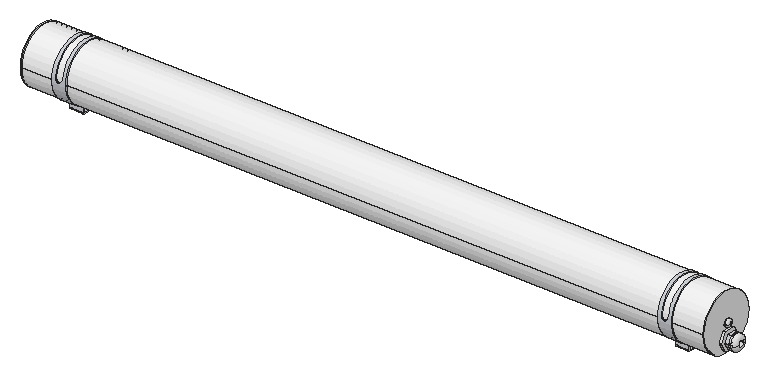
Revit family "0047581 Feilo Sylvania Lighting Fixture SYLPROOF TUBULAR LED 1X1200 EB NW", category Lighting Fixtures, host Face, Revit 2017
Family settings
  Host = Face
  Round Connector Dimension = Use Diameter
  Part Type = Normal
  OmniClass Number = 23.80.70.00
  OmniClass Title = Lighting
  Cut with Voids When Loaded = No
  Light Source = Yes
  Shared = No
  Room Calculation Point = No
Parameters (values of type "0047581 SYLPROOF TUBULAR LED 1X1200 EB NW")
  Weight = "2.5 kg"
  Wattage Comments = "n/a"
  Wattage = 25.6 W
  WarrantyStartDate [instance] = "n/a"
  WarrantyGuarantorParts = "n/a"
  WarrantyDurationUnit = "n/a"
  WarrantyDurationParts = "n/a"
  WarrantyDescription = "n/a"
  built-in parameter 1150110 = 1 (stored number, unit not read)
  Voltage = 230 V
  URL = "http://www.sylvania-lighting.com"
  TypeName = "SYLPROOF TUBULAR LED 1X1200 EB NW"
  Type Image = <None>
  Type Comments = "n/a"
  TubeDiameterOutside_FEILO = 100 mm
  TubeDiameterInside_FEILO = 96 mm
  built-in parameter 1114217 = 1 (stored number, unit not read)
  Tilt Angle = -90.00°
  built-in parameter 1150109 = 1 (stored number, unit not read)
  built-in parameter 1150134 = 12
  built-in parameter 1150113 = 1 (stored number, unit not read)
  SerialNumber [instance] = "n/a"
  ReflectorMaterial = Reflector-Sylvania-SylproofTubular-Illumination
  PowerFactor = 0
  PowerConsumption = "25.6 W"
  Photometric Web File = "0047581.ies"
  NominalLength = 1300 mm
  NominalHeight = 112 mm
  NominalDepth = 112 mm
  Name = "SYLPROOF TUBULAR LED 1X1200 EB NW"
  MountingHeight_FEILO = 64 mm
  ModelReference = Name  # "SYLPROOF TUBULAR LED 1X1200 EB NW"
  ModelNumber = "0047581"
  Model = Name  # "SYLPROOF TUBULAR LED 1X1200 EB NW"
  Material = "acrylic/pmma tube housing, acrylic/pmma diffuser"
  ManufacturerName = "Feilo Sylvania"
  Manufacturer = "Feilo Sylvania"
  LuminousEfficacy = "106.79 lm/W"
  built-in parameter 1150105 = 217.55 (stored number, unit not read)
  Lumens = 2733.82 lm
  LuminaireType = ""
  built-in parameter 1150115 = 1 (stored number, unit not read)
  LightOutputRatio = "100"
  TubeLength_FEILO = 1242 mm
  built-in parameter 1150137 = (empty or 0)
  built-in parameter 1150139 = (empty or 0)
  LampsType = Lamp  # "LED"
  LampNominalLuminous = "2734 lm"
  LampMacAdamStep = "n/a"
  LampColourTemperature = "4000 K"
  LampColourRenderingIndex = "0"
  built-in parameter 1150112 = 1 (stored number, unit not read)
  built-in parameter 1150114 = 1 (stored number, unit not read)
  Lamp = "LED"
  Keynote = "16500"
  InstallationDate [instance] = "n/a"
  InputVoltage = "220-240V~"
  InputNominalFrequency = "50/60 Hz"
  built-in parameter 1150132 = (empty or 0)
  built-in parameter 1150102 = (empty or 0)
  built-in parameter 1150107 = 4000 (stored number, unit not read)
  built-in parameter 1150138 = (empty or 0)
  IngressProtection = "IP66"
  ImpactProtectionIndex = "IK06"
  built-in parameter 1150106 = 2.1755 (stored number, unit not read)
  IfcExportType = "IfcLightFixtureType"
  IfcExportAs = "IfcLightFixtureType"
  Height_FEILO = 115 mm
  ExpectedLife = 50000
  Emit from Rectangle Width = TubeLength_FEILO - 20 mm  # 1222 mm
  Emit from Rectangle Length = 90 mm  # constant formula
  Emit Shape Visible in Rendering = no
  ElectricShockClassification = "Class I"
  built-in parameter 1150104 = 9.9211 (stored number, unit not read)
  DurationUnit = "hours"
  DocumentationLiterature = "http://www.sylvania-lighting.com/product/en-int/products/0047581"
  DimmingControlOptions = "Non dimmable"
  Dimming Lamp Color Temperature Shift = <None>
  DiffuserMaterial = Diffuser-Sylvania-SylproofTubular-Opal
  Description = "Aesthetically attractive and highly efficient LED tubular luminaire, opaque acrylic diffuser, stainless steel end caps and mounting brackets, rapid connector, as Sylvania Sylproof Tubular LED"
  Default Elevation = 1219.2 mm
  CreatedOn = "21/11/2017"
  CreatedBy = ""
  Cost = 0
  Color Filter = 16777215
  built-in parameter 1114216 [instance] = (empty or 0)
  ClassificationValue = "EF_70_80"
  ClassificationName = "Uniclass2015"
  BracketWidth_FEILO = 25 mm
  BracketDistance_FEILO = TubeLength_FEILO - 142 mm  # 1100 mm
  BodyMaterial = Body-Sylvania-SylproofTubular-Aluminium
  BarCode [instance] = "n/a"
  built-in parameter 1114218 = 1 (stored number, unit not read)
  built-in parameter 1150133 = 10 (stored number, unit not read)
  AssetType = "Fixed"
  AssetIdentifier [instance] = "n/a"
  Assembly Code = "D5020200"
  Apparent Load = 25.6 VA
  AccessoryMaterial = none
Reference planes
  plane 1 "Center (Front/Back)": y = 0
  plane 2: z = 0
  plane 3 "Center (Left/Right)": x = 0
  plane 4: x = 550
  plane 5: x = -550
  plane 6: x = 621
  plane 7: x = -621
  plane 8: x = 648
  plane 9: x = -619
  plane 10: x = 619
  plane 11: z = 64
  plane 12: z = 54
  plane 13: y = 14
  plane 14: y = -14
  plane 15: y = -42
  plane 16: y = 42
  plane 17: x = 607
  plane 18: x = -607
  plane 19: x = 624.8
  plane 20: x = -624.8
  plane 21: y = 6.4
  plane 22: y = -6.4
  plane 23: y = 2
  plane 24: x = 628.1
  plane 25: x = -628.1
  plane 26: z = 38
  plane 27: z = 54
  plane 28: z = 22
  plane 29: x = 637.1
  plane 30: x = 640.6
  plane 31: z = 115
Forms (mm)
  Extrusion 1, solid, material "Diffuser-Sylvania-SylproofTubular-Opal" <- "DiffuserMaterial"
    sketch origin (0, 0, 0) x (0, 1, 0) y (0, 0, 1)
      loop
        circle (0, 64) r 50
      loop
        circle (0, 64) r 48
    from -619 to 619
  Extrusion 2, solid, material "Reflector-Sylvania-SylproofTubular-Illumination" <- "ReflectorMaterial", detail levels medium+fine
    sketch origin (0, 0, 0) x (0, 1, 0) y (0, 0, 1)
      loop
        line (14, 54) -> (42, 64) -> (41.664, 64.942) -> (13.827, 55) -> (-13.827, 55) -> (-41.664, 64.942) -> (-42, 64) -> (-14, 54) -> (14, 54)
    from -607 to 607
  Extrusion 3, solid, material "Body-Sylvania-SylproofTubular-Aluminium" <- "BodyMaterial"
    sketch origin (619, 1524, 1219.2) x (0, 1, 0) y (0, 0, 1)
      loop
        circle (-1524, -1155.2) r 50
    from 0 to 2
  Extrusion 4, solid, material "Body-Sylvania-SylproofTubular-Aluminium" <- "BodyMaterial"
    sketch origin (-619, 1524, 1219.2) x (0, 1, 0) y (0, 0, 1)
      loop
        circle (-1524, -1155.2) r 50
    from -2 to 0
  Revolve 5, solid, material "Body-Sylvania-SylproofTubular-Aluminium" <- "BodyMaterial", detail levels fine
    sketch origin (0, 1219.2, 64) x (1, 0, 0) y (0, 1, 0)
      loop
        line (-628.1, -1219.2) -> (-621, -1219.2) -> (-621, -1212.8) -> (-624.8, -1212.8)
        arc (-624.8, -1212.8) -> (-627.183, -1214.45) -> (-628.1, -1217.2) r 4.583
        line (-628.1, -1217.2) -> (-628.1, -1219.2)
      axis (-621, -1219.2) -> (-628.1, -1219.2)
    angle from 360 to 0
  Revolve 6, solid, material "Body-Sylvania-SylproofTubular-Aluminium" <- "BodyMaterial", detail levels fine
    sketch origin (0, 1219.2, 64) x (1, 0, 0) y (0, 1, 0)
      loop
        line (628.1, -1219.2) -> (628.1, -1217.2)
        arc (628.1, -1217.2) -> (627.183, -1214.45) -> (624.8, -1212.8) r 4.583
        line (624.8, -1212.8) -> (621, -1212.8) -> (621, -1219.2) -> (628.1, -1219.2)
      axis (628.1, -1219.2) -> (621, -1219.2)
    angle from 360 to 0
  Extrusion 7, solid, material "Body-Sylvania-SylproofTubular-Aluminium" <- "BodyMaterial", detail levels medium+fine
    sketch origin (621, 1524, 1219.2) x (0, 1, 0) y (0, 0, 1)
      loop
        line (-1533.174, -1165.2) -> (-1542.475, -1181.089) -> (-1533.302, -1197.2) -> (-1514.826, -1197.2) -> (-1505.525, -1181.311) -> (-1514.698, -1165.2) -> (-1533.174, -1165.2)
    from 0 to 7.1
  Extrusion 8, solid, detail levels medium+fine
    sketch origin (628.1, 1524, 1219.2) x (0, 1, 0) y (0, 0, 1)
      loop
        line (-1530.892, -1169.262) -> (-1537.785, -1181.2) -> (-1530.892, -1193.138) -> (-1517.108, -1193.138) -> (-1510.215, -1181.2) -> (-1517.108, -1169.262) -> (-1530.892, -1169.262)
    from 0 to 9
  Revolve 9, solid, material "Body-Sylvania-SylproofTubular-Aluminium" <- "BodyMaterial", detail levels medium+fine
    sketch origin (0, 1219.2, 38) x (1, 0, 0) y (0, 1, 0)
      loop
        line (637.1, -1205.415) -> (637.1, -1212.8) -> (648, -1212.8)
        arc (648, -1212.8) -> (645.837, -1207.578) -> (640.615, -1205.415) r 7.385
        line (640.615, -1205.415) -> (637.1, -1205.415)
      axis (648, -1219.2) -> (637.1, -1219.2)
    angle from 360 to 0
Dimensions and locks
  equal spacing: plane 5, plane 3 "Center (Left/Right)", plane 4
  "BracketDistance_FEILO": plane 5 to plane 4
  equal spacing: plane 7, plane 3 "Center (Left/Right)", plane 6  (x2)
  "TubeLength_FEILO": plane 7 to plane 6
  locked: plane 6 to plane 8 at 27
  equal spacing: plane 9, plane 3 "Center (Left/Right)", plane 10
  locked: plane 7 to plane 9 at 2
  "MountingHeight_FEILO": plane 11 to plane 2
  locked: plane 12 to plane 11 at 10
  equal spacing: plane 14, plane 1 "Center (Front/Back)", plane 13
  locked: plane 14 to plane 1 "Center (Front/Back)" at 14
  equal spacing: plane 15, plane 1 "Center (Front/Back)", plane 16
  locked: plane 15 to plane 1 "Center (Front/Back)" at 42
  locked: plane 12 to Extrusion 2 sketch curve at 1
  locked: Extrusion 2 sketch curve to Extrusion 2 sketch curve at 1  (x2)
  equal spacing: plane 18, plane 3 "Center (Left/Right)", plane 17
  locked: plane 9 to plane 18 at 12
  equal spacing: plane 20, plane 3 "Center (Left/Right)", plane 19
  locked: plane 20 to plane 7 at 3.8
  equal spacing: plane 22, plane 1 "Center (Front/Back)", plane 21
  locked: plane 22 to plane 21 at 12.8
  locked: plane 1 "Center (Front/Back)" to plane 23 at 2
  equal spacing: plane 25, plane 3 "Center (Left/Right)", plane 24
  locked: plane 25 to plane 7 at 7.1
  locked: plane 26 to plane 11 at 26
  equal spacing: plane 28, plane 26, plane 27
  locked: plane 26 to plane 27 at 16
  locked: Extrusion 7 sketch curve to Extrusion 7 sketch curve at 32.001  (x2)
  locked: plane 24 to plane 29 at 9
  locked: plane 26 to Extrusion 8 sketch curve at 11.938
  locked: Extrusion 8 sketch curve to plane 26 at 11.938
  locked: Extrusion 8 sketch curve to Extrusion 8 sketch curve at 23.876  (x2)
  locked: Extrusion 8 sketch curve to plane 1 "Center (Front/Back)" at 13.785
  locked: plane 1 "Center (Front/Back)" to Extrusion 8 sketch curve at 13.785
  locked: plane 29 to plane 30 at 3.5
  "Height_FEILO": plane 31 to plane 2
  "TubeDiameterOutside_FEILO": diameter of Extrusion 1 sketch curve
  "TubeDiameterInside_FEILO": diameter of Extrusion 1 sketch curve
  aligned and locked: plane 2 to host face
  aligned and locked: level to host face
  aligned and locked: plane 10 to Extrusion 1
  aligned and locked: Extrusion 1 to plane 9
  aligned and locked: plane 13 to Extrusion 2 sketch curve
  aligned and locked: Extrusion 2 sketch curve to plane 12
  aligned and locked: plane 11 to Extrusion 2 sketch curve
  aligned and locked: plane 15 to Extrusion 2 sketch curve
  aligned and locked: plane 17 to Extrusion 2
  aligned and locked: Extrusion 2 to plane 18
  aligned and locked: plane 11 to Extrusion 1 sketch curve  (x2)
  aligned and locked: plane 1 "Center (Front/Back)" to Extrusion 1 sketch curve  (x2)
  aligned and locked: Extrusion 3 sketch curve to Extrusion 1  (x2)
  aligned and locked: plane 6 to Extrusion 3
  aligned and locked: Extrusion 3 to plane 10
  aligned and locked: Extrusion 4 sketch curve to Extrusion 3  (x2)
  aligned and locked: Extrusion 4 to plane 7
  aligned and locked: plane 9 to Extrusion 4
  aligned and locked: Revolve 5 sketch curve to Extrusion 4
  aligned and locked: plane 1 "Center (Front/Back)" to Revolve 5 sketch curve
  aligned and locked: plane 20 to Revolve 5 sketch curve
  aligned and locked: Revolve 5 sketch curve to plane 21
  aligned and locked: Revolve 5 sketch curve to plane 1 "Center (Front/Back)"
  aligned and locked: plane 23 to Revolve 6 sketch curve
  aligned and locked: Revolve 6 sketch curve to Extrusion 3
  aligned and locked: plane 1 "Center (Front/Back)" to Revolve 6 sketch curve
  aligned and locked: Revolve 6 sketch curve to plane 21
  aligned and locked: Revolve 6 sketch curve to plane 1 "Center (Front/Back)"
  aligned and locked: plane 25 to Revolve 5 sketch curve
  aligned and locked: plane 24 to Revolve 6 sketch curve
  aligned and locked: Extrusion 7 sketch curve to plane 27
  aligned and locked: plane 28 to Extrusion 7 sketch curve
  aligned and locked: plane 24 to Extrusion 7
  aligned and locked: Extrusion 7 to plane 6
  aligned and locked: plane 29 to Extrusion 8
  aligned and locked: Extrusion 8 to plane 24
  aligned and locked: Revolve 9 sketch curve to plane 1 "Center (Front/Back)"
  aligned and locked: Extrusion 8 to Revolve 9 sketch curve
  aligned and locked: Revolve 9 sketch curve to Extrusion 8
  aligned and locked: plane 8 to Revolve 9 sketch curve
  aligned and locked: plane 21 to Revolve 9 sketch curve
  aligned and locked: imposter light to plane 31
  aligned and locked: imposter light to plane 3 "Center (Left/Right)"
  aligned and locked: imposter light to plane 1 "Center (Front/Back)"
  aligned and locked: plane 1 "Center (Front/Back)" to nested 2
  aligned and locked: plane 1 "Center (Front/Back)" to nested 1
  aligned and locked: plane 5 to nested 1
  aligned and locked: plane 4 to nested 2
Automatic sketch dimensions
  host sketch curve to host sketch curve = 2438.4 mm  (x2)
  Extrusion 2 sketch curve to plane 14 = 0 mm
  Extrusion 2 sketch curve to plane 16 = 0 mm
  plane 11 to Extrusion 2 sketch curve = 0 mm
  plane 23 to Revolve 5 sketch curve = 0 mm
  Revolve 5 sketch curve to plane 25 = 1195.9 mm
  plane 8 to Revolve 5 sketch curve = 1176 mm
  Revolve 6 sketch curve to plane 19 = 0 mm
  Revolve 6 sketch curve to plane 25 = 1195.9 mm
  plane 8 to Revolve 6 sketch curve = 1176 mm
  Extrusion 7 sketch curve to plane 26 = 0.111 mm
  plane 14 to Extrusion 7 sketch curve = 4.475 mm
  plane 22 to Extrusion 7 sketch curve = 2.902 mm
  plane 22 to Extrusion 7 sketch curve = 2.774 mm
  plane 26 to Extrusion 8 sketch curve = 0 mm  (x2)
  Revolve 9 sketch curve to plane 25 = 1195.9 mm
  plane 8 to Revolve 9 sketch curve = 1176 mm
Nested families
  nested 1: "SylproofTubularMountingRing" at (-550, 0, 0), type "SylproofTubularMountingRing"
  nested 2: "SylproofTubularMountingRing" at (550, 0, 0), type "SylproofTubularMountingRing"
Connectors
  electrical at (0, 0, 0), driven by "Apparent Load", driven by "PowerFactor", driven by "Voltage"
    settings: index 1, voltage 230 V, apparent load 25.6 VA, apparent load phase1 0 VA, apparent load phase2 0 VA, apparent load phase3 0 VA, power factor 0, load classification "Lighting", number of poles 1, system type 30, power factor state 1, is connector primary yes, connector utility no, sub classification motor no, connector description ""
Definition of nested family "SylproofTubularMountingRing"
  Parameters (values of type "SylproofTubularMountingRing")
    URL = "http://www.feilosylvania.com"
    Type Image = (empty or 0)
    Type Comments = "n/a"
    TubeRadius_FEILO = 50 mm
    TubeDiameter_FEILO = TubeRadius_FEILO * 2  # 100 mm
    Model = ""
    Manufacturer = "Feilo Sylvania"
    Length_FEILO = 1000 mm
    Keynote = ""
    Height_FEILO = 3 mm
    Description = ""
    Default Elevation = 1219.2 mm
    CutOutWidth_FEILO = BracketWidth_FEILO / 2  # 12.5 mm
    CutOutRadius_FEILO = CutOutWidth_FEILO / 2  # 6.25 mm
    Cost = 0
    ClassificationValue = ""
    ClassificationName = ""
    BracketWidth_FEILO = 25 mm
    BracketThickness_FEILO = 1 mm
    BracketOuterCircleRadis_FEILO = TubeRadius_FEILO + BracketThickness_FEILO  # 51 mm
    BodyMaterial = none
    Assembly Code = ""
  Reference planes
    plane 1 "Center (Front/Back)": y = 0
    plane 2: z = 0
    plane 3 "Center (Left/Right)": x = 0
    plane 4: x = 12.5
    plane 5: x = -12.5
    plane 6: y = 50
    plane 7: y = -50
    plane 8: z = 115
    plane 9: z = 114
    plane 10: y = -51
    plane 11: y = 51
    plane 12: z = 14
    plane 13: z = 64
    plane 14: y = 10
    plane 15: y = -10
    plane 16: y = 11
    plane 17: z = 1
    plane 18: y = -11
    plane 19: x = 6.25
    plane 20: x = -6.25
    plane 21: z = 70.25
    plane 22: y = 54
    plane 23: y = -54
    plane 24: z = 120
  Forms (mm)
    Extrusion 1, solid
      sketch origin (4.2, 0, 0) x (1, 0, 0) y (0, 1, 0)
        loop
          line (-1219.2, 1219.2) -> (-1219.2, -1219.2) -> (1219.2, -1219.2) -> (1219.2, 1219.2) -> (-1219.2, 1219.2)
      from 0 to -68.017
    Extrusion 2, solid
      sketch origin (0, 0, 0) x (0, 1, 0) y (0, 0, 1)
        loop
          arc (9, 1) -> (9.707, 1.293) -> (10, 2) r 1
          line (10, 2) -> (10, 13.435)
          arc (10, 13.435) -> (10.423, 14.651) -> (11.509, 15.343) r 1.96
          arc (11.509, 15.343) -> (0.015, 114) -> (-11.538, 15.35) r 50
          arc (-11.538, 15.35) -> (-10.431, 14.644) -> (-10, 13.404) r 2
          line (-10, 13.404) -> (-10, 2)
          arc (-10, 2) -> (-9.707, 1.293) -> (-9, 1) r 1
          line (-9, 1) -> (9, 1)
        loop
          arc (9, 0) -> (10.414, 0.586) -> (11, 2) r 2
          line (11, 2) -> (11, 13.404)
          arc (11, 13.404) -> (11.216, 14.024) -> (11.769, 14.377) r 1
          arc (11.769, 14.377) -> (0, 115) -> (-11.769, 14.377) r 51
          arc (-11.769, 14.377) -> (-11.216, 14.024) -> (-11, 13.404) r 1
          line (-11, 13.404) -> (-11, 2)
          arc (-11, 2) -> (-10.414, 0.586) -> (-9, 0) r 2
          line (-9, 0) -> (9, 0)
      from -12.5 to 12.5
    Extrusion 3, void
      sketch origin (0, 0, 0) x (1, 0, 0) y (0, 0, 1)
        loop
          line (-6.25, 120) -> (-6.25, 70.25)
          arc (-6.25, 70.25) -> (0, 64) -> (6.25, 70.25) r 6.25
          line (6.25, 70.25) -> (6.25, 120) -> (-6.25, 120)
      from -54 to 54
  Cuts and joins
    Extrusion 3 cuts Extrusion 2
  Lines and regions (mm)
    reference lines
      curve 1: circle (0, 0, 64) r 50 normal (1, 0, 0)
      curve 2: circle (0, 0, 64) r 51 normal (-1, 0, 0)
  Dimensions and locks
    equal spacing: plane 5, plane 3 "Center (Left/Right)", plane 4
    "BracketWidth_FEILO": plane 5 to plane 4
    equal spacing: plane 7, plane 1 "Center (Front/Back)", plane 6
    "TubeRadius_FEILO": plane 7 to plane 1 "Center (Front/Back)"
    locked: plane 8 to plane 2 at 115
    "BracketThickness_FEILO": plane 9 to plane 8
    equal spacing: plane 10, plane 1 "Center (Front/Back)", plane 11
    "BracketThickness_FEILO": plane 10 to plane 7
    "TubeDiameter_FEILO": plane 12 to plane 9
    "TubeRadius_FEILO": plane 12 to plane 13
    equal spacing: plane 15, plane 1 "Center (Front/Back)", plane 14
    locked: plane 15 to plane 1 "Center (Front/Back)" at 10
    "BracketThickness_FEILO": plane 17 to plane 2
    "BracketThickness_FEILO": plane 18 to plane 15
    equal spacing: plane 18, plane 1 "Center (Front/Back)", plane 16
    equal spacing: plane 19, plane 3 "Center (Left/Right)", plane 20
    "CutOutWidth_FEILO": plane 19 to plane 20
    "CutOutRadius_FEILO": plane 21 to plane 13
    plane 23 to plane 1 "Center (Front/Back)" to plane 22 = 54 mm locked, 54 mm locked
    locked: plane 24 to level at 120
    "TubeRadius_FEILO": radius of curve 1
    "BracketOuterCircleRadis_FEILO": radius of curve 2
    "BracketOuterCircleRadis_FEILO": radius of Extrusion 2 sketch curve
    "TubeRadius_FEILO": radius of Extrusion 2 sketch curve
    aligned and locked: plane 2 to Extrusion 1
    aligned and locked: level to Extrusion 1
    aligned and locked: plane 1 "Center (Front/Back)" to curve 1
    aligned and locked: plane 13 to curve 1
    aligned and locked: plane 1 "Center (Front/Back)" to curve 2
    aligned and locked: plane 13 to curve 2
    aligned and locked: Extrusion 2 sketch curve to plane 17
    aligned and locked: Extrusion 2 sketch curve to plane 15
    aligned and locked: Extrusion 2 sketch curve to plane 18
    aligned and locked: Extrusion 2 sketch curve to plane 14
    aligned and locked: Extrusion 2 sketch curve to plane 16
    aligned and locked: plane 4 to Extrusion 2
    aligned and locked: Extrusion 2 to plane 5
    aligned and locked: plane 20 to Extrusion 3 sketch curve
    aligned and locked: Extrusion 3 sketch curve to plane 19
    aligned and locked: plane 3 "Center (Left/Right)" to Extrusion 3 sketch curve
    aligned and locked: plane 21 to Extrusion 3 sketch curve  (x3)
    aligned and locked: plane 23 to Extrusion 3
    aligned and locked: Extrusion 3 to plane 22
    aligned and locked: plane 24 to Extrusion 3 sketch curve
  Automatic sketch dimensions
    Extrusion 1 sketch curve to Extrusion 1 sketch curve = 2438.4 mm  (x2)
    Extrusion 2 sketch curve to Extrusion 2 sketch curve = 0 mm  (x8)
    Extrusion 2 sketch curve to plane 1 "Center (Front/Back)" = 0 mm
    plane 13 to Extrusion 2 sketch curve = 0 mm
    Extrusion 2 sketch curve to plane 15 = 1 mm
    plane 14 to Extrusion 2 sketch curve = 1 mm
    Extrusion 2 sketch curve to Extrusion 2 sketch curve = 1 mm
    Extrusion 2 sketch curve to Extrusion 2 sketch curve = 0.04 mm
    plane 12 to Extrusion 2 sketch curve = 0.596 mm
    plane 12 to Extrusion 2 sketch curve = 0.565 mm
    Extrusion 2 sketch curve to Extrusion 2 sketch curve = 0.031 mm
  Connectors
    electrical at (0, 0, 0)
      settings: index 1, voltage 24 V, apparent load 72 VA, apparent load phase1 0 VA, apparent load phase2 0 VA, apparent load phase3 0 VA, power factor 0, load classification none, number of poles 1, system type 30, power factor state 1, is connector primary yes, connector utility no, sub classification motor no, connector description ""
